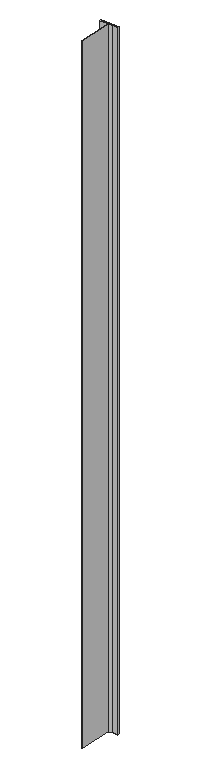
Revit family "d0b72fbeffce429d80fc37f93c9910fb", category Structural Columns, Revit 2021
Family settings
  Section Shape = I-split Parallel Flange
  Material for Model Behavior = Steel
  Always export as geometry = No
  Beam cutback in plan = From bounding box
  Family Name Key = MT Shapes-Column
  Code Name = AISC 14.1
  OmniClass Number = 23.25.30.11.14.11
  OmniClass Title = Columns
  Seek Item ID = MT-Shapes-Column-0000-USA-ENU
  Cut with Voids When Loaded = No
  Symbolic Representation = From Project Settings
  Shared = No
  Show family pre-cut in plan views = Yes
Parameters (values of type "MT6X5.9")
  Width = 0' - 3.07"
  Web Thickness = 0' - 0.177"
  Web Fillet = 0' - 0.338"
  Warping Constant = 0.033700 in⁶
  Torsional Moment of Inertia = 0.02490 in⁴
  Structural Material [instance] = Steel ASTM A36
  Section Name Key = ""
  Section Area = 1.740 in²
  Principal Axes Angle = 0.00°
  Plastic Modulus weak axis = 0.5750 in³
  Plastic Modulus strong axis = 2.8900 in³
  Nominal Weight = 5.90 lbf/ft
  Moment of Inertia weak axis = 0.54300 in⁴
  Moment of Inertia strong axis = 6.61000 in⁴
  Height = 0' - 6"
  Flange Thickness = 0' - 0.225"
  Elastic Modulus weak axis = 0.3540 in³
  Elastic Modulus strong axis = 1.6100 in³
  Centroid Vertical = 0' - 4.11"
  Centroid Horizontal = Width / 2  # 1.535"
  Bolt Spacing = 0' - 0"
  Assembly Code = "B10"
Types (2): name | Width | Web Thickness | Web Fillet | Warping Constant | Torsional Moment of Inertia | Section Area | Plastic Modulus weak axis | Plastic Modulus strong axis | Nominal Weight | Moment of Inertia weak axis | Moment of Inertia strong axis | Height | Flange Thickness | Elastic Modulus weak axis | Elastic Modulus strong axis | Centroid Vertical | Centroid Horizontal
  MT6X5.9 | 0' - 3.07" | 0' - 0.177" | 0' - 0.338" | 0.033700 in⁶ | 0.02490 in⁴ | 1.740 in² | 0.5750 in³ | 2.8900 in³ | 5.90 lbf/ft | 0.54300 in⁴ | 6.61000 in⁴ | 0' - 6" | 0' - 0.225" | 0.3540 in³ | 1.6100 in³ | 0' - 4.11" | 1.535"
  MT5X4.5 | 0' - 2.69" | 0' - 0.157" | 0' - 0.357" | 0.013800 in⁶ | 0.01560 in⁴ | 1.330 in² | 0.4030 in³ | 1.8100 in³ | 4.50 lbf/ft | 0.33600 in⁴ | 3.47000 in⁴ | 0' - 5" | 0' - 0.206" | 0.2500 in³ | 1.0000 in³ | 0' - 3.46" | 1.345"
Reference planes (in)
  plane 1: y = 0
  plane 2: z = 0
  plane 3: x = 0
  plane 4: x = -1.535
  plane 5: x = 1.535
  plane 6: y = 1.89
  plane 7: y = -4.11
  plane 8: x = -0.0885
  plane 9: x = 0.0885
  plane 10: y = 1.665
Forms (in)
  Extrusion 1, solid, material "Steel ASTM A36" <- "Structural Material", detail levels medium
    sketch origin (0, 0, 0) x (1, 0, 0) y (0, 1, 0)
      loop
        line (-1.535, 1.89) -> (-1.535, 1.665) -> (-0.0885, 1.665) -> (-0.0885, -4.11) -> (0.0885, -4.11) -> (0.0885, 1.665) -> (1.535, 1.665) -> (1.535, 1.89) -> (-1.535, 1.89)
    from 0 to 108
  Extrusion 2, solid, material "Steel ASTM A36" <- "Structural Material", detail levels fine
    sketch origin (0, 0, 0) x (1, 0, 0) y (0, 1, 0)
      loop
        line (-1.535, 1.89) -> (-1.535, 1.665) -> (-0.4265, 1.665)
        arc (-0.4265, 1.665) -> (-0.1875, 1.566) -> (-0.0885, 1.327) r 0.338
        line (-0.0885, 1.327) -> (-0.0885, -4.11) -> (0.0885, -4.11) -> (0.0885, 1.327)
        arc (0.0885, 1.327) -> (0.1875, 1.566) -> (0.4265, 1.665) r 0.338
        line (0.4265, 1.665) -> (1.535, 1.665) -> (1.535, 1.89) -> (-1.535, 1.89)
    from 0 to 108
Lines and regions (in)
  symbolic lines, style "StructuralColumnStickSymbols", detail levels coarse
    curve 1: line (-1.535, 1.89, 0) -> (1.535, 1.89, 0)
    curve 2: line (0, 1.89, 0) -> (0, -4.11, 0)
  symbolic lines, style "Hidden Faces", detail levels medium+fine
    curve 3: line (-0.0885, 0, 0) -> (-0.0885, 0, 108)
    curve 4: line (0.0885, 0, 108) -> (0.0885, 0, 0)
Dimensions and locks (in)
  equal spacing: plane 4, plane 3, plane 5
  "Height": plane 7 to plane 6
  "Width": plane 4 to plane 5
  "Flange Thickness": plane 10 to plane 6
  equal spacing: plane 8, plane 3, plane 9
  "Web Thickness": plane 8 to plane 9
  "Centroid Vertical": plane 7 to plane 1
  "Web Fillet": radius of Extrusion 2 sketch curve  (x2)
  aligned and locked: level to plane 2
  aligned and locked: curve 2 to plane 3
  aligned and locked: Extrusion 1 sketch curve to plane 10
  aligned and locked: plane 10 to Extrusion 1 sketch curve
  aligned and locked: Extrusion 1 sketch curve to plane 6
  aligned and locked: plane 4 to Extrusion 1 sketch curve
  aligned and locked: Extrusion 1 sketch curve to plane 5
  aligned and locked: Extrusion 1 sketch curve to plane 8
  aligned and locked: plane 9 to Extrusion 1 sketch curve
  aligned and locked: plane 7 to Extrusion 1 sketch curve
  aligned and locked: level to Extrusion 1
  aligned and locked: Extrusion 1 to level
  aligned and locked: Extrusion 2 sketch curve to plane 6
  aligned and locked: plane 4 to Extrusion 2 sketch curve
  aligned and locked: Extrusion 2 sketch curve to plane 10  (x2)
  aligned and locked: Extrusion 2 sketch curve to plane 8
  aligned and locked: plane 9 to Extrusion 2 sketch curve
  aligned and locked: Extrusion 2 sketch curve to plane 5
  aligned and locked: plane 7 to Extrusion 2 sketch curve
  aligned and locked: Extrusion 2 to level
  aligned and locked: level to Extrusion 2
  aligned and locked: plane 8 to curve 3
  aligned and locked: Extrusion 2 to curve 3
  aligned and locked: level to curve 4  (x2)
  aligned and locked: level to curve 3
  aligned and locked: plane 7 to curve 2
  aligned and locked: plane 6 to curve 1
  aligned and locked: plane 4 to curve 1
  aligned and locked: plane 5 to curve 1
Automatic sketch dimensions
  curve 4 to plane 9 = 0' - 0"
